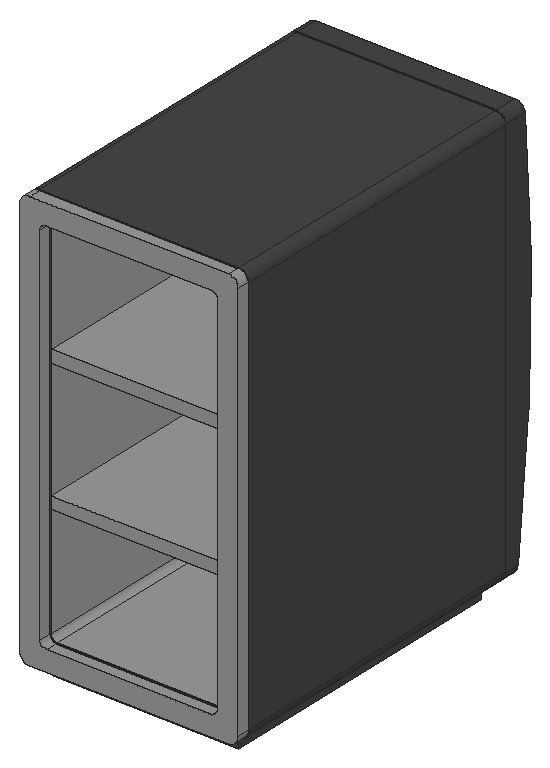
Revit family "Franke_Cup_warmer_A-Series-A200(JP)", category Specialty Equipment, Revit 2015
Parameters (values of type "Cup warmer A-Series-A200(100V/anthracite/JP)")
  Watts max. = 0 W
  Volts max. = 0 V
  URL = "https://www.franke.com/main/en/cs/products/product-search.html"
  Depth (mm) = 453 mm
  Volts min. = 100 V
  Max Overcurrent Protection = "-"
  Cycle Alternative = 60 Hz
  Cycle = 50 Hz
  Model = "410892 - Cup warmer A-Series - A200"
  Watts min. = 80 W
  Cost = 0
  Height (mm) = 544 mm
  Manufacturer = "Franke"
  Energy loss acc. to DIN 18873 = "-"
  Width (mm) = 270 mm
  Description = "A-Series key module  Cup warmer"
  Assembly Code = "key module  Cup warmer "
  Keynote = "key module  Cup warmer"
  Weight = "20 kg"
  Number of Poles = 1
  Number of Protective Conductors = "1"
  Number of Nutral Conductors = "1"
  Capacity = "up to 120 cups"
  Frontcover = Franke Anthracite
Types (3, lengths in mm): name | Frontcover
  (no name) | Franke Anthracite
  Cup warmer A-Series-A200(100V/black line/JP) | Franke Black
  Cup warmer A-Series-A200(100V/anthracite/JP) | Franke Anthracite
Reference planes
  plane 1 "Mitte (Vorne/Hinten)": y = 0
  plane 2: z = 0
  plane 3 "Mitte (Links/Rechts)": x = 0
Forms (mm)
  Extrusion 1, solid, material "Franke Anthracite" <- "Frontcover"
    sketch origin (0, 0, -41) x (1, 0, 0) y (0, 0, 1)
      loop
        line (123, 585) -> (-123, 585)
        arc (-123, 585) -> (-131.485, 581.485) -> (-135, 573) r 12
        line (-135, 573) -> (-135, 77)
        arc (-135, 77) -> (-131.485, 68.515) -> (-123, 65) r 12
        line (-123, 65) -> (-85, 65) -> (85, 65) -> (123, 65)
        arc (123, 65) -> (131.485, 68.515) -> (135, 77) r 12
        line (135, 77) -> (135, 573)
        arc (135, 573) -> (131.485, 581.485) -> (123, 585) r 12
      loop
        arc (102, 90) -> (107.657, 92.343) -> (110, 98) r 8
        line (110, 98) -> (110, 552)
        arc (110, 552) -> (107.657, 557.657) -> (102, 560) r 8
        line (102, 560) -> (-102, 560)
        arc (-102, 560) -> (-107.657, 557.657) -> (-110, 552) r 8
        line (-110, 552) -> (-110, 98)
        arc (-110, 98) -> (-107.657, 92.343) -> (-102, 90) r 8
        line (-102, 90) -> (102, 90)
    from 199.53 to 214.53
  Extrusion 2, solid, material "Franke Black"
    sketch origin (0, 0, -41) x (1, 0, 0) y (0, 0, 1)
      loop
        line (123, 585) -> (-123, 585)
        arc (-123, 585) -> (-131.485, 581.485) -> (-135, 573) r 12
        line (-135, 573) -> (-135, 77)
        arc (-135, 77) -> (-131.485, 68.515) -> (-123, 65) r 12
        line (-123, 65) -> (123, 65)
        arc (123, 65) -> (131.485, 68.515) -> (135, 77) r 12
        line (135, 77) -> (135, 573)
        arc (135, 573) -> (131.485, 581.485) -> (123, 585) r 12
      loop
        line (115, 565) -> (-115, 565) -> (-115, 85) -> (115, 85) -> (115, 565)
    from -198.03 to 198.03
  Extrusion 3, solid, material "Franke Black"
    sketch origin (0, 0, -41) x (0, 1, 0) y (0, 0, 1)
      loop
        line (186.97, 65) -> (-188.03, 65) -> (-188.03, 45) -> (186.97, 45) -> (186.97, 65)
    from -114 to 114
  Extrusion 4, solid, material "Franke Black"
    sketch origin (0, 0, -41) x (0, 1, 0) y (0, 0, 1)
      loop
        line (199.53, 585) -> (199.53, 65) -> (216.03, 65)
        arc (216.03, 65) -> (224.982, 150.997) -> (233.478, 237.039) r 16328.175
        arc (233.478, 237.039) -> (233.864, 241.879) -> (234.093, 246.728) r 150
        arc (234.093, 246.728) -> (236.227, 326.074) -> (237.701, 405.435) r 9548.581
        arc (237.701, 405.435) -> (237.699, 406.999) -> (237.648, 408.563) r 50
        arc (237.648, 408.563) -> (233.118, 496.797) -> (228.03, 585) r 14002.549
        line (228.03, 585) -> (199.53, 585)
    from -135 to 135
  Extrusion 5, void
    sketch origin (0, 0, -41) x (1, 0, 0) y (0, 0, 1)
      loop
        line (-123, 585) -> (-123, 595) -> (-145, 595) -> (-145, 573) -> (-135, 573)
        arc (-135, 573) -> (-131.485, 581.485) -> (-123, 585) r 12
      loop
        arc (123, 585) -> (131.485, 581.485) -> (135, 573) r 12
        line (135, 573) -> (145, 573) -> (145, 595) -> (123, 595) -> (123, 585)
      loop
        arc (-123, 65) -> (-131.485, 68.515) -> (-135, 77) r 12
        line (-135, 77) -> (-145, 77) -> (-145, 55) -> (-123, 55) -> (-123, 65)
      loop
        line (123, 65) -> (123, 55) -> (145, 55) -> (145, 77) -> (135, 77)
        arc (135, 77) -> (131.485, 68.515) -> (123, 65) r 12
    from -305.226 to 299.817
  Extrusion 6, solid, material "Franke Black"
    sketch origin (0, 0, -41) x (1, 0, 0) y (0, 1, 0)
      loop
        line (-107.5, 117.97) -> (-107.5, 96.52) -> (-90.75, 96.52) -> (-90.75, 117.97) -> (-107.5, 117.97)
      loop
        line (90.75, 117.97) -> (90.75, 96.52) -> (107.5, 96.52) -> (107.5, 117.97) -> (90.75, 117.97)
      loop
        line (-107.5, -97.58) -> (-107.5, -119.03) -> (-90.75, -119.03) -> (-90.75, -97.58) -> (-107.5, -97.58)
      loop
        line (90.75, -97.58) -> (90.75, -119.03) -> (107.5, -119.03) -> (107.5, -97.58) -> (90.75, -97.58)
    from 41 to 45
  Extrusion 7, solid, material "Franke Black"
    sketch origin (0, 0, -41) x (1, 0, 0) y (0, 0, 1)
      loop
        line (-120, 65) -> (120, 65) -> (120, 575) -> (-120, 575) -> (-120, 65)
      loop
        arc (-102, 560) -> (-107.657, 557.657) -> (-110, 552) r 8
        line (-110, 552) -> (-110, 98)
        arc (-110, 98) -> (-107.657, 92.343) -> (-102, 90) r 8
        line (-102, 90) -> (102, 90)
        arc (102, 90) -> (107.657, 92.343) -> (110, 98) r 8
        line (110, 98) -> (110, 552)
        arc (110, 552) -> (107.657, 557.657) -> (102, 560) r 8
        line (102, 560) -> (-102, 560)
    from 198.03 to 199.53
  Extrusion 8, solid, material "Franke Black"
    sketch origin (0, 397.56, -41) x (1, 0, 0) y (0, 0, 1)
      loop
        line (-120, 65) -> (120, 65) -> (120, 575) -> (-120, 575) -> (-120, 65)
    from 198.03 to 199.53
  Extrusion 9, solid, material "Franke Stainless Steel"
    sketch origin (0, 0, 0) x (1, 0, 0) y (0, 0, 1)
      loop
        line (-110, 372) -> (-110, 357) -> (110, 357) -> (110, 372) -> (-110, 372)
      loop
        line (-110, 210) -> (-110, 195) -> (110, 195) -> (110, 210) -> (-110, 210)
    from -190.97 to 198.03
  Extrusion 10, solid, material "Franke Stainless Steel"
    sketch origin (0, 0, 0) x (1, 0, 0) y (0, 0, 1)
      loop
        arc (-102, 519) -> (-107.657, 516.657) -> (-110, 511) r 8
        line (-110, 511) -> (-110, 57)
        arc (-110, 57) -> (-107.657, 51.343) -> (-102, 49) r 8
        line (-102, 49) -> (102, 49)
        arc (102, 49) -> (107.657, 51.343) -> (110, 57) r 8
        line (110, 57) -> (110, 511)
        arc (110, 511) -> (107.657, 516.657) -> (102, 519) r 8
        line (102, 519) -> (-102, 519)
    from -198.03 to -190.97
  Extrusion 11, solid, material "Franke Stainless Steel"
    sketch origin (0, 0, 0) x (1, 0, 0) y (0, 0, 1)
      loop
        line (-115, 524) -> (-115, 44) -> (115, 44) -> (115, 524) -> (-115, 524)
      loop
        arc (-102, 519) -> (-107.657, 516.657) -> (-110, 511) r 8
        line (-110, 511) -> (-110, 57)
        arc (-110, 57) -> (-107.657, 51.343) -> (-102, 49) r 8
        line (-102, 49) -> (102, 49)
        arc (102, 49) -> (107.657, 51.343) -> (110, 57) r 8
        line (110, 57) -> (110, 511)
        arc (110, 511) -> (107.657, 516.657) -> (102, 519) r 8
        line (102, 519) -> (-102, 519)
    from -190.97 to 198.03
  Extrusion 12, solid, material "Franke Chrome"
    sketch origin (0, 0, -41) x (1, 0, 0) y (0, 1, 0)
      loop
        circle (0, 146.221) r 2.5
    from 41 to 45
  Extrusion 13, void
    sketch origin (0, 0, -41) x (1, 0, 0) y (0, 1, 0)
      loop
        circle (-92.493, -139.31) r 16
      loop
        circle (92.493, -139.31) r 16
      loop
        circle (-92.493, 138.104) r 16
      loop
        circle (92.493, 138.104) r 16
    from 5 to 50
Cuts and joins
  Extrusion 13 cuts Extrusion 3
  Extrusion 5 cuts Extrusion 4
Dimensions and locks
  aligned and locked: level to plane 2
Connectors
  electrical at (0, 146.221, 0), driven by "Volts min.", driven by "Number of Poles"
    settings: on Extrusion 12, index 2, voltage 100 V, apparent load 0 VA, apparent load phase1 0 VA, apparent load phase2 0 VA, apparent load phase3 0 VA, power factor 1, load classification "Strom", number of poles 1, system type 31, power factor state 1, is connector primary yes, connector utility no, sub classification motor no, connector description ""
